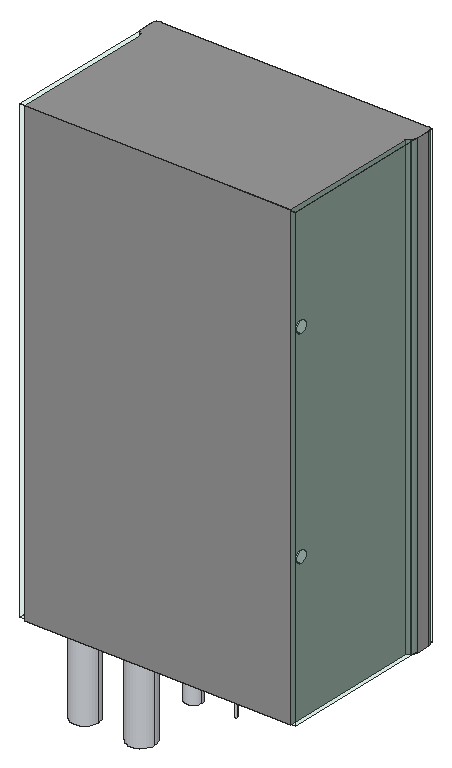
Revit family "HYDRO UNIT", category Mechanical Equipment, Revit 2015
Parameters (values of type "16.00 kW, 220-240V, HYDRO UNIT(2)")
  WaterOutlet Connection Radius [instance] = 50.000 mm
  Water Inlet Connection Radius [instance] = 50.000 mm
  Voltage = "220-240V"
  URL = "www.samsung.com"
  Total Heating Capacity [instance] = 16 kW
  Total Cooling Capacity [instance] = 15 kW
  System Served = ""
  Supply Air Connection Width [instance] = 0.000 mm
  Supply Air Connection Offset Bottom [instance] = 0.000 mm
  Subscribe for Update Alerts = ""
  Sound Pressure Middle [instance] = "0.00dB(A)"
  Sound Pressure Low [instance] = "0.00dB(A)"
  Sound Pressure High [instance] = "0.00dB(A)"
  Sound Power Cooling [instance] = "0.00dB(A)"
  Shipping Dimensions Height [instance] = 0.000 mm
  Serial Number = ""
  Sensible Cooling Capacity [instance] = 0 kW
  Sales Rep Locator = ""
  Return Air Connection Width [instance] = 0.000 mm
  Return Air Connection Offset Bottom [instance] = 0.000 mm
  Return Air Connection Height [instance] = 0.000 mm
  Refrigerant Type [instance] = "R410A"
  Refrigerant Suction Gas Connection Radius [instance] = 7.940 mm
  Refrigerant Suction Gas Connection Offset Left [instance] = 0.000 mm
  Refrigerant Suction Gas Connection Offset Bottom [instance] = 0.000 mm
  Refrigerant Suction Gas Connection Diameter [instance] = 15.880 mm
  Refrigerant Liquid Connection Radius [instance] = 4.760 mm
  Refrigerant Liquid Connection Offset Left [instance] = 0.000 mm
  Refrigerant Liquid Connection Offset Bottom [instance] = 0.000 mm
  Refrigerant Liquid Connection Diameter [instance] = 9.520 mm
  Refrigerant High Pressure Gas Connection Diameter [instance] = 15.000 mm
  Product Page URL = ""
  Product Documentation Link = ""
  Power Supply [instance] = "50Hz"
  Power Input Heating [instance] = 3760 W
  Power Input Cooling [instance] = 4140 W
  Power Connection Offset Left [instance] = 0.000 mm
  Power Connection Offset Bottom [instance] = 0.000 mm
  Power & Comm. Box height [instance] = 190.000 mm
  Phase [instance] = 1
  Panel model = ""
  Panel Net Weight(kg) [instance] = "0.00 kg"
  Panel Net Dimensions Width [instance] = 0.000 mm
  Panel Net Dimensions Height [instance] = 0.000 mm
  Panel Net Dimensions Depth [instance] = 0.000 mm
  Number of poles [instance] = ""
  Notes = ""
  Net Weight(kg) [instance] = "45.00 kg"
  Net Dimensions Width [instance] = 510.000 mm
  Net Dimensions Height [instance] = 850.000 mm
  Net Dimensions Depth [instance] = 315.000 mm
  Motor Ouput [instance] = 0 W
  Model = "AE160JNYDEH/EU"
  Maximum Rated Over Protection Device [instance] = "Fuse"
  Manufacturer Metadata = ""
  Manufacturer = "SAMSUNG"
  Location = ""
  Heating Leaving Dry Bulb Temperature [instance] = 0 °C
  Heating Entering Dry Bulb Temperature [instance] = 7 °C
  Free Content Downloads = ""
  Family Load Status [instance] = "Valid - Type loaded via type catalog"
  External Static Pressure [instance] = "0.00mmaq"
  Equipment Finish [instance] = Molded case
  Designation = ""
  Design Heating Air Flow Minimum [instance] = "0.00CMM"
  Design Heating Air Flow Maximum [instance] = "0.00CMM"
  Design Cooling Air Flow Minimum [instance] = "0.00CMM"
  Design Cooling Air Flow Maximum [instance] = "0.00CMM"
  Design Ambient Winter Wet Bulb Temperature [instance] = 6 °C
  Design Ambient Winter Dry Bulb Temperature [instance] = 7 °C
  Design Ambient Summer Dry Bulb Temperature [instance] = 35 °C
  Decoration Panel Finish [instance] = IVORY
  Current Input Heating [instance] = 16.9 A
  Current Input Cooling [instance] = 18.6 A
  Cooling Leaving Wet Bulb Temperature [instance] = 0 °C
  Cooling Leaving Dry Bulb Temperature [instance] = 0 °C
  Cooling Entering Wet Bulb Temperature [instance] = 27 °C
  Cooling Entering Dry Bulb Temperature [instance] = 35 °C
  Conduit for power supply & communication wiring [instance] = "0.000 mm"
  Condensate Drain Connection Radius [instance] = 0.000 mm
  Condensate Drain Connection Offset left [instance] = 0.000 mm
  Condensate Drain Connection Offset Bottom [instance] = 0.000 mm
  Condensate Drain Connection Diameter [instance] = 0.000 mm
  Clearance Offset Top [instance] = 0.000 mm
  Clearance Offset Right [instance] = 0.000 mm
  Clearance Offset Left [instance] = 0.000 mm
  Clearance Offset Front [instance] = 0.000 mm
  Clearance Offset Bottom [instance] = 0.000 mm
  Clearance Offset Back = 0.000 mm
  Actual Ventilation Air Flow [instance] = "0.00CMM"
  Actual Supply Air Flow [instance] = "0.00CMM"
  Actual Return Air Flow [instance] = "0.00CMM"
  Actual Air Flow Imbalance [instance] = "0.00CMM"
Types (25, lengths in mm): name | Voltage | Total Heating Capacity | Total Cooling Capacity | Refrigerant Suction Gas Connection Radius | Refrigerant Liquid Connection Radius | Refrigerant Liquid Connection Diameter | Power Input Heating | Power Input Cooling | Phase | Net Weight(kg) | Model | Current Input Heating | Current Input Cooling
  (no name) | "220-240V" | 16 kW | 15 kW | 7.940 | 4.760 | 9.520 | 3760 W | 4140 W | 1 | "45.00 kg" | "AE160JNYDEH/EU" | 16.9 A | 18.6 A
  4.40 kW, 220-240V, HYDRO UNIT(1) | "220-240V" | 4.4 kW | 5.1 kW | 7.940 | 3.180 | 6.350 | 0 W | 0 W | 1 | "45.50 kg" | "AE090MNYDEH/EU" | 0 A | 0 A
  6.60 kW, 220-240V, HYDRO UNIT | "220-240V" | 6.6 kW | 6.7 kW | 7.940 | 3.180 | 6.350 | 0 W | 0 W | 1 | "45.50 kg" | "AE090MNYDEH/EU" | 0 A | 0 A
  9.00 kW, 220-240V, HYDRO UNIT(1) | "220-240V" | 9 kW | 8 kW | 7.940 | 3.180 | 6.350 | 0 W | 0 W | 1 | "45.50 kg" | "AE090MNYDGH/EU" | 0 A | 0 A
  9.00 kW, 380-415V, HYDRO UNIT(1) | "380-415V" | 9 kW | 8 kW | 3.180 | 4.760 | 6.350 | 0 W | 0 W | 3 | "46.50 kg" | "AE090MNYDGH/EU" | 0 A | 0 A
  12.00 kW, 220-240V, HYDRO UNIT(1) | "220-240V" | 12 kW | 12 kW | 7.940 | 4.760 | 9.520 | 0 W | 0 W | 1 | "46.50" | "AE160MNYDEH/EU" | 0 A | 0 A
  14.50 kW, 220-240V, HYDRO UNIT | "220-240V" | 16 kW | 14.5 kW | 7.940 | 4.760 | 9.520 | 0 W | 0 W | 1 | "46.50 kg" | "AE160MNYDEH/EU" | 0 A | 0 A
  12.00 kW, 380-415V, HYDRO UNIT(1) | "380-415V" | 12 kW | 12 kW | 7.940 | 4.760 | 9.520 | 0 W | 0 W | 3 | "46.50 kg" | "AE160MNYDGH/EU" | 0 A | 0 A
  14.50 kW, 380-415V, HYDRO UNIT | "380-415V" | 16 kW | 14.5 kW | 7.940 | 4.760 | 9.520 | 0 W | 0 W | 3 | "46.50" | "AE160MNYDGH/EU" | 0 A | 0 A
  6.00 kW, 220-240V, HYDRO UNIT(1) | "220-240V" | 6 kW | 7 kW | 7.940 | 4.760 | 9.520 | 4300 W | 0 W | 1 | "45.00 kg" | "NH080PHXEA" | 18 A | 0 A
  7.00 kW, 220-240V, HYDRO UNIT | "220-240V" | 7 kW | 7.5 kW | 7.940 | 4.760 | 9.520 | 4300 W | 0 W | 1 | "45.00 kg" | "NH080PHXEA" | 18 A | 0 A
  8.00 kW, 220-240V, HYDRO UNIT | "220-240V" | 8 kW | 8 kW | 7.940 | 4.760 | 9.520 | 4300 W | 0 W | 1 | "45.00 kg" | "NH080PHXEA" | 18 A | 0 A
  11.00 kW, 220-240V, HYDRO UNIT | "220-240V" | 11.3 kW | 11.3 kW | 7.940 | 4.760 | 9.520 | 6300 W | 0 W | 1 | "47.00 kg" | "NH160PHXEA" | 26 A | 0 A
  14.00 kW, 220-240V, HYDRO UNIT(1) | "220-240V" | 14 kW | 14.2 kW | 7.940 | 4.760 | 9.520 | 6300 W | 0 W | 1 | "47.00 kg" | "NH160PHXEA" | 26 A | 0 A
  16.00 kW, 220-240V, HYDRO UNIT(1) | "220-240V" | 16 kW | 15.5 kW | 7.940 | 4.760 | 9.520 | 6300 W | 0 W | 1 | "47.00 kg" | "NH160PHXEA" | 26 A | 0 A
  4.40 kW, 220-240V, HYDRO UNIT(2) | "220-240V" | 4.4 kW | 5 kW | 7.940 | 3.180 | 6.350 | 860 W | 1260 W | 1 | "45.00 kg" | "AE090JNYDEH/EU" | 4.1 A | 5.7 A
  6.00 kW, 220-240V, HYDRO UNIT(2) | "220-240V" | 6 kW | 7 kW | 7.940 | 3.180 | 6.350 | 1250 W | 1750 W | 1 | "45.00 kg" | "AE090JNYDEH/EU" | 5.7 A | 8 A
  9.00 kW, 220-240V, HYDRO UNIT(2) | "220-240V" | 9 kW | 8 kW | 7.940 | 3.180 | 6.350 | 2010 W | 2200 W | 1 | "45.00 kg" | "AE090JNYDEH/EU" | 9.2 A | 10.1 A
  12.00 kW, 220-240V, HYDRO UNIT(2) | "220~240V" | 12 kW | 12 kW | 7.940 | 4.760 | 9.520 | 2590 W | 3100 W | 1 | "45.00 kg" | "AE160JNYDEH/EU" | 11.7 A | 14 A
  14.00 kW, 220-240V, HYDRO UNIT(2) | "220-240V" | 14 kW | 14 kW | 7.940 | 4.760 | 9.520 | 3150 W | 3800 W | 1 | "45.00kg" | "AE160JNYDEH/EU" | 14.3 A | 17 A
  16.00 kW, 220-240V, HYDRO UNIT(2) | "220-240V" | 16 kW | 15 kW | 7.940 | 4.760 | 9.520 | 3760 W | 4140 W | 1 | "45.00 kg" | "AE160JNYDEH/EU" | 16.9 A | 18.6 A
  9.00 kW, 380-415V, HYDRO UNIT(2) | "380-415V" | 9 kW | 7.5 kW | 7.940 | 3.180 | 6.350 | 2010 W | 2060 W | 3 | "46.50 kg" | "AE090JNYDGH/EU" | 3.3 A | 3.4 A
  12.00 kW, 380-415V, HYDRO UNIT(2) | "220-240V" | 12 kW | 12 kW | 7.940 | 4.760 | 9.520 | 2590 W | 3100 W | 1 | "46.50" | "AE160JNYDGH/EU" | 4.1 A | 4.7 A
  14.00 kW, 380-415V, HYDRO UNIT | "220-240V" | 14 kW | 14 kW | 7.940 | 4.760 | 9.520 | 3150 W | 3800 W | 1 | "46.50" | "AE160JNYDGH/EU" | 4.7 A | 5.7 A
  16.00 kW, 380-415V, HYDRO UNIT | "220-240V" | 16 kW | 15 kW | 7.940 | 4.760 | 9.520 | 3760 W | 4140 W | 1 | "46.50" | "AE160JNYDGH/EU" | 5.7 A | 6.2 A
Reference planes
  plane 1 "중심(앞/뒤)": y = 0
  plane 2: z = 0
  plane 3 "중심(왼쪽/오른쪽)": x = 0
  plane 4: y = 157.5
  plane 5: y = -157.5
  plane 6: x = 255
  plane 7: x = -255
  plane 8: z = 850
  plane 9: z = 190
  plane 10: z = 170
  plane 11: z = 634
  plane 12: z = 270
  plane 13: y = -137.8
  plane 14: z = 650
  plane 15: z = -50
  plane 16: z = -50
  plane 17: z = -156
  plane 18: z = -156
Forms (mm)
  Extrusion 1, solid, material "Molded case" <- "Equipment Finish"
    sketch origin (0, 0, 0) x (1, 0, 0) y (0, 1, 0)
      loop
        line (-255, 147.285) -> (-255, 122.044)
        arc (-255, 122.044) -> (-253.989, 117.635) -> (-251.157, 114.107) r 10.119
        line (-251.157, 114.107) -> (-248.763, 112.224)
        arc (-248.763, 112.224) -> (-245.973, 108.739) -> (-244.977, 104.387) r 10.005
        line (-244.977, 104.387) -> (-244.977, -157.5) -> (244.983, -157.5) -> (244.983, 104.387)
        arc (244.983, 104.387) -> (245.995, 108.771) -> (248.826, 112.269) r 10.005
        line (248.826, 112.269) -> (251.225, 114.148)
        arc (251.225, 114.148) -> (254.007, 117.618) -> (255, 121.952) r 9.957
        line (255, 121.952) -> (255, 147.477)
        arc (255, 147.477) -> (252.064, 154.564) -> (244.977, 157.5) r 10.023
        line (244.977, 157.5) -> (-245.044, 157.5)
        arc (-245.044, 157.5) -> (-252.099, 154.417) -> (-255, 147.285) r 10.218
    from 0 to 850
  Extrusion 2, solid
    sketch origin (0, 0, 0) x (1, 0, 0) y (0, 1, 0)
      loop
        line (-179.818, 157.5) -> (180.182, 157.5) -> (179.473, 171.573) -> (-179.004, 171.573) -> (-179.818, 157.5)
    from 170 to 190
  Extrusion 3, void
    sketch origin (0, 0, 0) x (1, 0, 0) y (0, 1, 0)
      loop
        line (-179.818, 155.068) -> (180.182, 155.068) -> (180.182, 157.5) -> (-179.818, 157.5) -> (-179.818, 155.068)
    from 0 to 190
  Extrusion 4, solid
    sketch origin (0, 0, 0) x (1, 0, 0) y (0, 1, 0)
      loop
        circle (-173.047, -109.837) r 25
    from 0 to -156
  Extrusion 5, solid
    sketch origin (0, 0, 0) x (1, 0, 0) y (0, 1, 0)
      loop
        circle (-67.985, -110.462) r 25
    from 0 to -156
  Extrusion 6, solid
    sketch origin (0, 0, 0) x (1, 0, 0) y (0, 1, 0)
      loop
        circle (35.015, -119.399) r 15
    from 0 to -50
  Extrusion 7, solid
    sketch origin (0, 0, 0) x (1, 0, 0) y (0, 1, 0)
      loop
        circle (113.515, -118.899) r 2.38
    from 0 to -50
  Extrusion 8, solid
    sketch origin (244.983, 104.387, 0) x (0, -1, 0) y (0, 0, -1)
      loop
        circle (242.187, -650) r 10
    from 0 to 4
  Extrusion 9, solid
    sketch origin (244.983, 104.387, 0) x (0, -1, 0) y (0, 0, -1)
      loop
        circle (242.187, -270) r 10
    from 0 to 4
  Extrusion 10, solid
    sketch origin (-244.977, -157.5, 0) x (0, 1, 0) y (0, 0, -1)
      loop
        circle (19.7, -650) r 10
    from 0 to 4
  Extrusion 11, solid
    sketch origin (-244.977, -157.5, 0) x (0, 1, 0) y (0, 0, -1)
      loop
        circle (19.7, -270) r 10
    from 0 to 4
Cuts and joins
  Extrusion 3 cuts Extrusion 1
  Extrusion 3 cuts Extrusion 2
Dimensions and locks
  equal spacing: plane 5, plane 1 "중심(앞/뒤)", plane 4
  equal spacing: plane 7, plane 3 "중심(왼쪽/오른쪽)", plane 6
  "Net Dimensions Width": plane 7 to plane 6
  "Net Dimensions Depth": plane 5 to plane 4
  "Net Dimensions Height": plane 2 to plane 8
  "Power & Comm. Box height": plane 2 to plane 9
  plane 9 to plane 10 = 20.000 mm
  plane 11 to plane 2 = 634.000 mm
  plane 12 to level = 270.000 mm
  plane 2 to plane 18 = 156.000 mm
  plane 2 to plane 17 = 156.000 mm
  plane 2 to plane 16 = 50.000 mm
  plane 2 to plane 15 = 50.000 mm
  "WaterOutlet Connection Radius": diameter of Extrusion 4 sketch curve
  "Water Inlet Connection Radius": diameter of Extrusion 5 sketch curve
  radius of Extrusion 6 sketch curve = 15.000 mm
  "Refrigerant Liquid Connection Radius": diameter of Extrusion 7 sketch curve
  aligned and locked: level to plane 2
  aligned and locked: plane 6 to Extrusion 1 sketch curve
  aligned and locked: Extrusion 1 sketch curve to plane 7
  aligned and locked: plane 4 to Extrusion 1 sketch curve
  aligned and locked: Extrusion 1 sketch curve to plane 5
  aligned and locked: plane 8 to Extrusion 1
  aligned and locked: plane 4 to Extrusion 2 sketch curve
  aligned and locked: plane 9 to Extrusion 2
  aligned and locked: Extrusion 2 to plane 10
  aligned and locked: plane 9 to cut or joined group of Extrusion 1, Extrusion 3
  aligned and locked: cut or joined group of Extrusion 2, Extrusion 3 to cut or joined group of Extrusion 1, Extrusion 3
  aligned and locked: cut or joined group of Extrusion 1, Extrusion 3 to cut or joined group of Extrusion 2, Extrusion 3
  aligned and locked: plane 2 to Extrusion 4
  aligned and locked: plane 2 to Extrusion 5
  aligned and locked: plane 2 to Extrusion 6
  aligned and locked: plane 2 to Extrusion 7
  aligned and locked: plane 18 to Extrusion 4
  aligned and locked: Extrusion 5 to plane 17
  aligned and locked: plane 16 to Extrusion 6
  aligned and locked: Extrusion 7 to plane 15
  aligned and locked: plane 1 "중심(앞/뒤)" to nested 1
  aligned and locked: plane 3 "중심(왼쪽/오른쪽)" to nested 1
Automatic sketch dimensions
  Extrusion 1 sketch curve to plane 6 = 0.012 mm
  Extrusion 1 sketch curve to plane 6 = 3.775 mm
  Extrusion 1 sketch curve to Extrusion 1 sketch curve = 2.399 mm
  Extrusion 1 sketch curve to Extrusion 1 sketch curve = 6.182 mm
  Extrusion 1 sketch curve to Extrusion 1 sketch curve = 3.843 mm
  Extrusion 1 sketch curve to plane 6 = 10.023 mm
  plane 7 to Extrusion 1 sketch curve = 10.119 mm
  plane 7 to Extrusion 1 sketch curve = 10.023 mm
  plane 7 to Extrusion 1 sketch curve = 10.218 mm
  plane 7 to Extrusion 1 sketch curve = 6.237 mm
  Extrusion 1 sketch curve to Extrusion 1 sketch curve = 2.395 mm
  plane 7 to Extrusion 1 sketch curve = 0.018 mm
  plane 4 to Extrusion 1 sketch curve = 53.113 mm  (x2)
  Extrusion 1 sketch curve to Extrusion 1 sketch curve = 1.883 mm
  Extrusion 1 sketch curve to Extrusion 1 sketch curve = 1.878 mm
  Extrusion 1 sketch curve to Extrusion 1 sketch curve = 10.215 mm
  plane 4 to Extrusion 3 sketch curve = 2.432 mm
  plane 4 to Extrusion 3 sketch curve = 0.000 mm
  Extrusion 2 sketch curve to plane 4 = 14.073 mm
  plane 7 to Extrusion 2 sketch curve = 75.996 mm
  Extrusion 2 sketch curve to Extrusion 2 sketch curve = 0.814 mm
  Extrusion 2 sketch curve to plane 6 = 75.527 mm
  Extrusion 2 sketch curve to Extrusion 2 sketch curve = 0.709 mm
  Extrusion 3 sketch curve to plane 6 = 74.818 mm
  plane 7 to Extrusion 3 sketch curve = 75.182 mm
  Extrusion 1 to Extrusion 8 sketch curve = 19.700 mm
  Extrusion 1 to Extrusion 8 sketch curve = 200.000 mm
  Extrusion 1 to Extrusion 9 sketch curve = 19.700 mm
  Extrusion 1 to Extrusion 9 sketch curve = 270.000 mm
  Extrusion 10 sketch curve to Extrusion 1 = 19.700 mm
  Extrusion 1 to Extrusion 10 sketch curve = 200.000 mm
  Extrusion 11 sketch curve to Extrusion 1 = 19.700 mm
  Extrusion 1 to Extrusion 11 sketch curve = 270.000 mm
  plane 3 "중심(왼쪽/오른쪽)" to Extrusion 6 sketch curve = 35.015 mm
  Extrusion 6 sketch curve to plane 13 = 18.401 mm
  Extrusion 4 sketch curve to plane 13 = 27.963 mm
  plane 7 to Extrusion 4 sketch curve = 81.953 mm
  Extrusion 5 sketch curve to plane 13 = 27.338 mm
  Extrusion 5 sketch curve to plane 3 "중심(왼쪽/오른쪽)" = 67.985 mm
  Extrusion 7 sketch curve to plane 13 = 18.901 mm
  plane 3 "중심(왼쪽/오른쪽)" to Extrusion 7 sketch curve = 113.515 mm
  radius of Extrusion 8 sketch curve = 10.000 mm
  radius of Extrusion 9 sketch curve = 10.000 mm
  radius of Extrusion 10 sketch curve = 10.000 mm
  radius of Extrusion 11 sketch curve = 10.000 mm
Nested families
  nested 1: "Include Clearance" at (0, 0, 0), type "Include Clearance"
    with Equipment Finish none, Width 510.000 mm, Height 850.000 mm, Depth 315.000 mm
Connectors
  piping at (-173.047, -109.837, -156), diameter 50, driven by "WaterOutlet Connection Radius"
    settings: on Extrusion 4, index 1, connector inside diameter 609.6 mm, connector length 0.000 mm, flow factor 0, pipe flow 0.0 L/s, pressure drop 0.0 Pa, fitting loss kfactor 0, connector angle 0.00°, fixture units 0, engagement length 0.000 mm, angle of deflection 0.00°, flow configuration 0, flow direction 0, fitting loss method 0, system type 7, joint type 0, gender type 0, connector reference index -1, connector utility 0, adjustable connector no, is connector primary no, connector description ""
  piping at (-67.985, -110.462, -156), diameter 50, driven by "Water Inlet Connection Radius"
    settings: on Extrusion 5, index 2, connector inside diameter 609.6 mm, connector length 0.000 mm, flow factor 0, pipe flow 0.0 L/s, pressure drop 0.0 Pa, fitting loss kfactor 0, connector angle 0.00°, fixture units 0, engagement length 0.000 mm, angle of deflection 0.00°, flow configuration 0, flow direction 0, fitting loss method 0, system type 7, joint type 0, gender type 0, connector reference index -1, connector utility 0, adjustable connector no, is connector primary yes, connector description ""
  piping at (35.015, -119.399, -50), diameter 15, driven by "Refrigerant High Pressure Gas Connection Diameter"
    settings: on Extrusion 6, index 3, connector inside diameter 609.6 mm, connector length 0.000 mm, flow factor 0, pipe flow 0.0 L/s, pressure drop 0.0 Pa, fitting loss kfactor 0, connector angle 0.00°, fixture units 0, engagement length 0.000 mm, angle of deflection 0.00°, flow configuration 0, flow direction 0, fitting loss method 0, system type 7, joint type 0, gender type 0, connector reference index -1, connector utility 0, adjustable connector no, is connector primary no, connector description ""
  piping at (113.515, -118.899, -50), diameter 4.76, driven by "Refrigerant Liquid Connection Radius"
    settings: on Extrusion 7, index 4, connector inside diameter 609.6 mm, connector length 0.000 mm, flow factor 0, pipe flow 0.0 L/s, pressure drop 0.0 Pa, fitting loss kfactor 0, connector angle 0.00°, fixture units 0, engagement length 0.000 mm, angle of deflection 0.00°, flow configuration 0, flow direction 0, fitting loss method 0, system type 7, joint type 0, gender type 0, connector reference index -1, connector utility 0, adjustable connector no, is connector primary no, connector description ""
Definition of nested family "Include Clearance"
  Parameters (values of type "Include Clearance")
    Width = 600.000 mm
    URL = ""
    Manufacturer = ""
    Height = 350.000 mm
    Equipment Finish [instance] = none
    Depth = 660.000 mm
    Copyright © = ""
    Clearance Offset Top = 0.000 mm
    Clearance Offset Right = 0.000 mm
    Clearance Offset Left = 0.000 mm
    Clearance Offset Front = 0.000 mm
    Clearance Offset Bottom = 0.000 mm
    Clearance Offset Back = 0.000 mm
    Assembly Code = ""
  Reference planes
    plane 1 "Center (Front/Back)": y = 0
    plane 2 "Bottom": z = 0
    plane 3 "Center (Left/Right)": x = 0
    plane 4 "Left": x = -300
    plane 5 "Back": y = 330
    plane 6 "Right": x = 300
    plane 7 "Front": y = -330
    plane 8 "Top": z = 350
    plane 9 "Clearance Offset Right": x = 300
    plane 10 "Clearance Offset Left": x = -300
    plane 11 "Clearance Offset Back": y = 330
    plane 12 "Clearance Offset Front": y = -330
    plane 13 "Clearance Offset Top": z = 350
    plane 14: z = 0
  Forms (mm)
    Extrusion 1, solid
      sketch origin (0, 0, 0) x (1, 0, 0) y (0, 1, 0)
        loop
          line (-300, 330) -> (-300, -330) -> (300, -330) -> (300, 330) -> (-300, 330)
      from 0 to 350
  Lines and regions (mm)
    symbolic lines
      curve 1: line (-300, 0, 350) -> (300, 0, 350)
      curve 2: line (-300, 0, 0) -> (-300, 0, 350)
      curve 3: line (300, 0, 0) -> (-300, 0, 0)
      curve 4: line (300, 0, 350) -> (300, 0, 0)
      curve 5: line (0, 330, 350) -> (0, -330, 350)
      curve 6: line (0, 330, 0) -> (0, 330, 350)
      curve 7: line (0, -330, 0) -> (0, 330, 0)
      curve 8: line (0, -330, 350) -> (0, -330, 0)
      curve 9: line (-300, 330, 0) -> (300, 330, 0)
      curve 10: line (-300, -330, 0) -> (-300, 330, 0)
      curve 11: line (300, -330, 0) -> (-300, -330, 0)
      curve 12: line (300, 330, 0) -> (300, -330, 0)
  Text (mm)
    text "Copyright © Daikin Industries, Ltd. 2008" at (0.011, 0.009, 0), in view "Ref. Level"
  Dimensions and locks
    equal spacing: plane 4 "Left", plane 3 "Center (Left/Right)", plane 6 "Right"
    "Width": plane 4 "Left" to plane 6 "Right"
    equal spacing: plane 5 "Back", plane 1 "Center (Front/Back)", plane 7 "Front"
    "Depth": plane 5 "Back" to plane 7 "Front"
    "Height": plane 8 "Top" to plane 2 "Bottom"
    "Clearance Offset Front": plane 12 "Clearance Offset Front" to plane 7 "Front"
    "Clearance Offset Back": plane 11 "Clearance Offset Back" to plane 5 "Back"
    "Clearance Offset Left": plane 10 "Clearance Offset Left" to plane 4 "Left"
    "Clearance Offset Right": plane 6 "Right" to plane 9 "Clearance Offset Right"
    "Clearance Offset Top": plane 13 "Clearance Offset Top" to plane 8 "Top"
    curve 3 to plane 14 = 0.000 mm
    "Clearance Offset Bottom": plane 2 "Bottom" to plane 14
    aligned and locked: plane 2 "Bottom" to level
    aligned and locked: plane 9 "Clearance Offset Right" to Extrusion 1 sketch curve
    aligned and locked: Extrusion 1 sketch curve to plane 11 "Clearance Offset Back"
    aligned and locked: plane 10 "Clearance Offset Left" to Extrusion 1 sketch curve
    aligned and locked: Extrusion 1 sketch curve to plane 12 "Clearance Offset Front"
    aligned and locked: curve 9 to Extrusion 1  (x2)
    aligned and locked: Extrusion 1 to curve 12
    aligned and locked: curve 12 to Extrusion 1
    aligned and locked: plane 13 "Clearance Offset Top" to Extrusion 1
    aligned and locked: Extrusion 1 to plane 14
    aligned and locked: Extrusion 1 to plane 10 "Clearance Offset Left"
    aligned and locked: Extrusion 1 to plane 9 "Clearance Offset Right"  (x2)
    aligned and locked: Extrusion 1 to plane 13 "Clearance Offset Top"  (x2)
    aligned and locked: plane 14 to Extrusion 1  (x2)
    aligned and locked: curve 1 to plane 13 "Clearance Offset Top"
    aligned and locked: plane 9 "Clearance Offset Right" to curve 4
    aligned and locked: plane 10 "Clearance Offset Left" to curve 2
    aligned and locked: plane 14 to curve 3
    aligned and locked: plane 10 "Clearance Offset Left" to Extrusion 1  (x2)
    aligned and locked: curve 8 to plane 12 "Clearance Offset Front"
    aligned and locked: curve 5 to plane 13 "Clearance Offset Top"
    aligned and locked: curve 6 to plane 11 "Clearance Offset Back"
    aligned and locked: plane 14 to curve 7
